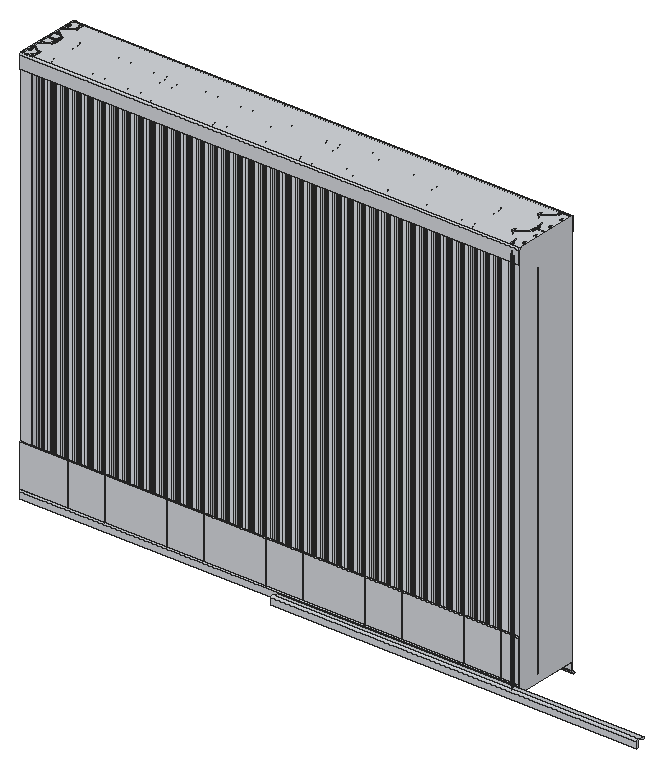
Revit family
Parameters (values of type "00000-Air Balance-20090131-Ver1-A820")
  Span = Blade Array * 1 125/256"  # 55 17/256"
  Interior Height = Height - (1/8" * 2)  # 47 3/4"
  Gap 2 = Interior Width - Width  # -1 23/64"
  Blade Array = Interior Width / 1 125/256" - 2  # 37
  URL = "www.airbalance.com"
  OmniClass Table 23 Title = "Exterior Louvers and Grilles"
  OmniClass Table 23 Code = "23-30 60 11 17"
  Model = "A820"
  Manufacturer = "Air Balance"
  Interior Width = Width - (1 23/64")  # 58 41/64"
  Height = 48"
  Gap = ((Interior Width - Span) / 2) + 1/16"  # 1.84961"
  Description = "Hurricane Louver"
  Default Sill Height = 36"
  Wall Closure = (empty or 0)
  Width = 60"
  D1 = 1 23/64"
  Assembly Code = ""
Reference planes (in)
  plane 1 "Center (Front/Back)": y = 0
  plane 2: z = 0
  plane 3 "Center (Left/Right)": x = 0.61472
  plane 4 "Left": x = -29.38528
  plane 5 "Right": x = 30.61472
  plane 6 "Sill": z = 36
  plane 7 "Top": z = 84
  plane 8: y = 0.208
  plane 9: y = -1.95957
  plane 10: x = -26.1763
  plane 11: x = -24.68804
  plane 12: x = -28.02591
  plane 13: x = -23.94302
  plane 14: x = 29.25672
  plane 15: x = 27.40711
  plane 16: y = 4
Forms (in)
  Extrusion 1, solid
    sketch origin (46.166, 40.67254, 34.54884) x (0, -1, 0) y (0, 0, 1)
      loop
        line (45.45213, 2.39413) -> (44.73681, 2.2153) -> (44.76713, 2.09403) -> (45.48244, 2.27286)
        arc (45.48244, 2.27286) -> (45.55108, 2.25831) -> (45.58185, 2.19525) r 0.08
        line (45.58185, 2.19525) -> (45.58185, 1.45116) -> (45.70685, 1.45116) -> (45.70685, 2.19525)
        arc (45.70685, 2.19525) -> (45.628, 2.35683) -> (45.45213, 2.39413) r 0.205
    from 0.416 to 44.416
  Extrusion 2, void
    sketch origin (0.61472, 0, 0) x (0, 1, 0) y (0, 0, 1)
      loop
        line (-5.08351, 37.08338) -> (-5.08351, 36) -> (0.25, 36) -> (-5.08351, 37.08338)
    from -47.5 to 47.5
  Sweep 3, solid
    path in 3D
      loop
        line (30.61472, 4, 84) -> (-29.38528, 4, 84)
    profile origin (0.61472, 4, 84) x (0, 1, 0) y (0, 0, -1)
      loop
        line (-7.864, 1.75) -> (-7.864, 0.155)
        arc (-7.864, 0.155) -> (-7.8186, 0.0454) -> (-7.709, 0) r 0.155
        line (-7.709, 0) -> (0.095, 0)
        arc (0.095, 0) -> (0.2046, 0.0454) -> (0.25, 0.155) r 0.155
        line (0.25, 0.155) -> (0.25, 1.75) -> (0.125, 1.75) -> (0.125, 0.155)
        arc (0.125, 0.155) -> (0.11621, 0.13379) -> (0.095, 0.125) r 0.03
        line (0.095, 0.125) -> (-7.709, 0.125)
        arc (-7.709, 0.125) -> (-7.73021, 0.13379) -> (-7.739, 0.155) r 0.03
        line (-7.739, 0.155) -> (-7.739, 1.75) -> (-7.864, 1.75)
  Sweep 4, solid
    path in 3D
      loop
        line (-29.38528, 4, 36) -> (30.61472, 4, 36)
    profile origin (0.61472, 4, 36) x (0, 1, 0) y (0, 0, 1)
      loop
        line (-7.709, 1.09055) -> (-7.709, 6.0625)
        arc (-7.709, 6.0625) -> (-7.7715, 6.125) -> (-7.834, 6.0625) r 0.0625
        line (-7.834, 6.0625) -> (-7.834, 0.99295) -> (-3.86219, 0) -> (-0.08, 0)
        arc (-0.08, 0) -> (-0.02343, -0.02343) -> (0, -0.08) r 0.08
        line (0, -0.08) -> (0, -0.93174)
        arc (0, -0.93174) -> (0.0156, -1.01019) -> (0.06004, -1.0767) r 0.205
        line (0.06004, -1.0767) -> (0.39017, -1.40682) -> (0.47855, -1.31843) -> (0.14843, -0.98831)
        arc (0.14843, -0.98831) -> (0.13109, -0.96236) -> (0.125, -0.93174) r 0.08
        line (0.125, -0.93174) -> (0.125, -0.08)
        arc (0.125, -0.08) -> (0.06496, 0.06496) -> (-0.08, 0.125) r 0.205
        line (-0.08, 0.125) -> (-3.84681, 0.125) -> (-7.709, 1.09055)
  Sweep 5, solid
    path in 3D
      loop
        line (29.25672, 4, 84) -> (-28.02728, 4, 84)
    profile origin (0.61472, 4, 84) x (0, 1, 0) y (0, 0, -1)
      loop
        line (-3.28599, 4.40692) -> (-3.27624, 4.48632) -> (-3.81735, 4.55276) -> (-3.67491, 5.71284) -> (-4.29785, 5.78932) -> (-4.30777, 5.70853) -> (-3.76665, 5.64209) -> (-3.90891, 4.4834) -> (-3.28599, 4.40692)
  Sweep 6, solid
    path in 3D
      loop
        line (-29.38528, -3.834, 36.99295) -> (30.61472, -3.834, 36.99295)
    profile origin (0.61472, -3.834, 36.99295) x (0, 0, 1) y (0, -1, 0)
      loop
        line (-0.24242, -0.96968) -> (-0.0641, -0.2564)
        arc (-0.0641, -0.2564) -> (-0.09741, -0.08473) -> (-0.25038, 0) r 0.20675
        line (-0.25038, 0) -> (-1.00602, 0) -> (-1.00602, -0.12464) -> (-0.25902, -0.12464)
        arc (-0.25902, -0.12464) -> (-0.19809, -0.1566) -> (-0.18447, -0.22404) r 0.08004
        line (-0.18447, -0.22404) -> (-0.36332, -0.93945) -> (-0.24242, -0.96968)
  Sweep 7, solid
    path in 3D
      loop
        line (-29.38528, 4, 84) -> (-29.38528, 4, 36)
    profile origin (-29.38528, 4, 60) x (1, 0, 0) y (0, 1, 0)
      loop
        arc (0.15651, -5.9569) -> (0.10577, -5.95556) -> (0.08, -5.99929) r 0.05
        line (0.08, -5.99929) -> (0.08, -6.3955)
        arc (0.08, -6.3955) -> (0.09464, -6.43086) -> (0.13, -6.4455) r 0.05
        line (0.13, -6.4455) -> (0.313, -6.4455)
        arc (0.313, -6.4455) -> (0.38689, -6.46016) -> (0.44957, -6.50192) r 0.1935
        arc (0.44957, -6.50192) -> (0.44968, -6.55849) -> (0.39311, -6.5586) r 0.04
        arc (0.39311, -6.5586) -> (0.1995, -6.639) -> (0.39311, -6.7194) r 0.1135
        arc (0.39311, -6.7194) -> (0.44968, -6.71951) -> (0.44957, -6.77608) r 0.04
        arc (0.44957, -6.77608) -> (0.38689, -6.81784) -> (0.313, -6.8325) r 0.1935
        line (0.313, -6.8325) -> (0.13, -6.8325)
        arc (0.13, -6.8325) -> (0.09464, -6.84714) -> (0.08, -6.8825) r 0.05
        line (0.08, -6.8825) -> (0.08, -7.579)
        arc (0.08, -7.579) -> (0.09464, -7.61436) -> (0.13, -7.629) r 0.05
        line (0.13, -7.629) -> (1.00212, -7.629)
        arc (1.00212, -7.629) -> (1.0488, -7.59691) -> (1.03556, -7.54183) r 0.05
        arc (1.03556, -7.54183) -> (1.00012, -7.49928) -> (0.97819, -7.44842) r 0.1935
        arc (0.97819, -7.44842) -> (1.00638, -7.39938) -> (1.05542, -7.42758) r 0.04
        arc (1.05542, -7.42758) -> (1.26329, -7.45475) -> (1.13582, -7.28831) r 0.1135
        arc (1.13582, -7.28831) -> (1.08689, -7.25994) -> (1.11526, -7.211) r 0.04
        arc (1.11526, -7.211) -> (1.16517, -7.2045) -> (1.21506, -7.21109) r 0.1935
        arc (1.21506, -7.21109) -> (1.25844, -7.20246) -> (1.278, -7.16279) r 0.05
        line (1.278, -7.16279) -> (1.278, -6.995)
        arc (1.278, -6.995) -> (1.20181, -6.7003) -> (0.99232, -6.47947) r 0.608
        line (0.99232, -6.47947) -> (0.15651, -5.9569)
      loop
        line (0.26673, -5.21324) -> (1.22456, -4.54237)
        arc (1.22456, -4.54237) -> (1.32264, -4.43051) -> (1.358, -4.286) r 0.313
        line (1.358, -4.286) -> (1.358, -3.792) -> (1.358, -3.298)
        arc (1.358, -3.298) -> (1.32264, -3.15349) -> (1.22456, -3.04163) r 0.313
        line (1.22456, -3.04163) -> (0.26673, -2.37076)
        arc (0.26673, -2.37076) -> (0.08015, -2.00056) -> (0.2858, -1.64061) r 0.438
        line (0.2858, -1.64061) -> (1.03473, -1.17236)
        arc (1.03473, -1.17236) -> (1.17902, -1.05186) -> (1.28531, -0.8968) r 0.688
        line (1.28531, -0.8968) -> (1.38582, -0.92945) -> (1.33946, -1.07211) -> (1.38702, -1.08756) -> (1.44882, -0.89735) -> (1.30616, -0.851)
        arc (1.30616, -0.851) -> (1.34492, -0.72254) -> (1.358, -0.589) r 0.688
        line (1.358, -0.589) -> (1.358, 0.125) -> (0, 0.125) -> (0, -3.792) -> (0, -7.709) -> (1.358, -7.709) -> (1.358, -6.995)
        arc (1.358, -6.995) -> (1.34492, -6.86146) -> (1.30616, -6.733) r 0.688
        line (1.30616, -6.733) -> (1.44882, -6.68665) -> (1.38702, -6.49644) -> (1.33946, -6.51189) -> (1.38582, -6.65455) -> (1.28531, -6.6872)
        arc (1.28531, -6.6872) -> (1.17902, -6.53214) -> (1.03473, -6.41164) r 0.688
        line (1.03473, -6.41164) -> (0.2858, -5.94339)
        arc (0.2858, -5.94339) -> (0.08015, -5.58344) -> (0.26673, -5.21324) r 0.438
      loop
        arc (1.18737, -4.47036) -> (1.20654, -4.41499) -> (1.15997, -4.37943) r 0.05
        arc (1.15997, -4.37943) -> (1.0888, -4.36386) -> (1.02843, -4.32308) r 0.1935
        arc (1.02843, -4.32308) -> (1.02832, -4.26651) -> (1.08489, -4.2664) r 0.04
        arc (1.08489, -4.2664) -> (1.2785, -4.186) -> (1.08489, -4.1056) r 0.1135
        arc (1.08489, -4.1056) -> (1.02832, -4.10549) -> (1.02843, -4.04892) r 0.04
        arc (1.02843, -4.04892) -> (1.11508, -3.99905) -> (1.21506, -3.99909) r 0.1935
        arc (1.21506, -3.99909) -> (1.26389, -3.98561) -> (1.27588, -3.9364) r 0.05
        arc (1.27588, -3.9364) -> (1.26812, -3.89217) -> (1.228, -3.872) r 0.05
        line (1.228, -3.872) -> (0.13, -3.872)
        arc (0.13, -3.872) -> (0.09464, -3.88664) -> (0.08, -3.922) r 0.05
        line (0.08, -3.922) -> (0.08, -4.78437)
        arc (0.08, -4.78437) -> (0.1149, -4.83203) -> (0.17156, -4.81363) r 0.05
        arc (0.17156, -4.81363) -> (0.22998, -4.80603) -> (0.2326, -4.86489) r 0.04
        arc (0.2326, -4.86489) -> (0.313, -5.0585) -> (0.3934, -4.86489) r 0.1135
        arc (0.3934, -4.86489) -> (0.39351, -4.80832) -> (0.45008, -4.80843) r 0.04
        arc (0.45008, -4.80843) -> (0.47632, -4.84122) -> (0.49486, -4.87891) r 0.1935
        arc (0.49486, -4.87891) -> (0.52682, -4.90951) -> (0.57056, -4.90277) r 0.05
        line (0.57056, -4.90277) -> (1.18737, -4.47036)
      loop
        line (0.15651, -1.6271) -> (0.99232, -1.10453)
        arc (0.99232, -1.10453) -> (1.20181, -0.8837) -> (1.278, -0.589) r 0.608
        line (1.278, -0.589) -> (1.278, -0.42121)
        arc (1.278, -0.42121) -> (1.25844, -0.38154) -> (1.21506, -0.37291) r 0.05
        arc (1.21506, -0.37291) -> (1.16517, -0.3795) -> (1.11526, -0.373) r 0.1935
        arc (1.11526, -0.373) -> (1.08689, -0.32406) -> (1.13582, -0.29569) r 0.04
        arc (1.13582, -0.29569) -> (1.26329, -0.12925) -> (1.05542, -0.15642) r 0.1135
        arc (1.05542, -0.15642) -> (1.00638, -0.18462) -> (0.97819, -0.13558) r 0.04
        arc (0.97819, -0.13558) -> (1.00012, -0.08472) -> (1.03556, -0.04217) r 0.1935
        arc (1.03556, -0.04217) -> (1.0488, 0.01291) -> (1.00212, 0.045) r 0.05
        line (1.00212, 0.045) -> (0.13, 0.045)
        arc (0.13, 0.045) -> (0.09464, 0.03036) -> (0.08, -0.005) r 0.05
        line (0.08, -0.005) -> (0.08, -0.7015)
        arc (0.08, -0.7015) -> (0.09464, -0.73686) -> (0.13, -0.7515) r 0.05
        line (0.13, -0.7515) -> (0.313, -0.7515)
        arc (0.313, -0.7515) -> (0.38689, -0.76616) -> (0.44957, -0.80792) r 0.1935
        arc (0.44957, -0.80792) -> (0.44968, -0.86449) -> (0.39311, -0.8646) r 0.04
        arc (0.39311, -0.8646) -> (0.1995, -0.945) -> (0.39311, -1.0254) r 0.1135
        arc (0.39311, -1.0254) -> (0.44968, -1.02551) -> (0.44957, -1.08208) r 0.04
        arc (0.44957, -1.08208) -> (0.38689, -1.12384) -> (0.313, -1.1385) r 0.1935
        line (0.313, -1.1385) -> (0.13, -1.1385)
        arc (0.13, -1.1385) -> (0.09464, -1.15314) -> (0.08, -1.1885) r 0.05
        line (0.08, -1.1885) -> (0.08, -1.58471)
        arc (0.08, -1.58471) -> (0.10577, -1.62844) -> (0.15651, -1.6271) r 0.05
      loop
        line (1.18737, -3.11364) -> (0.57056, -2.68123)
        arc (0.57056, -2.68123) -> (0.52682, -2.67449) -> (0.49486, -2.70509) r 0.05
        arc (0.49486, -2.70509) -> (0.47632, -2.74278) -> (0.45008, -2.77557) r 0.1935
        arc (0.45008, -2.77557) -> (0.39351, -2.77568) -> (0.3934, -2.71911) r 0.04
        arc (0.3934, -2.71911) -> (0.313, -2.5255) -> (0.2326, -2.71911) r 0.1135
        arc (0.2326, -2.71911) -> (0.22998, -2.77797) -> (0.17156, -2.77037) r 0.04
        arc (0.17156, -2.77037) -> (0.1149, -2.75197) -> (0.08, -2.79963) r 0.05
        line (0.08, -2.79963) -> (0.08, -3.662)
        arc (0.08, -3.662) -> (0.09464, -3.69736) -> (0.13, -3.712) r 0.05
        line (0.13, -3.712) -> (1.228, -3.712)
        arc (1.228, -3.712) -> (1.26812, -3.69183) -> (1.27588, -3.6476) r 0.05
        arc (1.27588, -3.6476) -> (1.26389, -3.59839) -> (1.21506, -3.58491) r 0.05
        arc (1.21506, -3.58491) -> (1.11508, -3.58495) -> (1.02843, -3.53508) r 0.1935
        arc (1.02843, -3.53508) -> (1.02832, -3.47851) -> (1.08489, -3.4784) r 0.04
        arc (1.08489, -3.4784) -> (1.2785, -3.398) -> (1.08489, -3.3176) r 0.1135
        arc (1.08489, -3.3176) -> (1.02832, -3.31749) -> (1.02843, -3.26092) r 0.04
        arc (1.02843, -3.26092) -> (1.0888, -3.22014) -> (1.15997, -3.20457) r 0.1935
        arc (1.15997, -3.20457) -> (1.20654, -3.16901) -> (1.18737, -3.11364) r 0.05
  Sweep 8, solid
    path in 3D
      loop
        line (30.61472, 4, 36) -> (30.61472, 4, 84)
    profile origin (30.61472, 4, 60) x (0, 1, 0) y (-1, 0, 0)
      loop
        line (-5.47602, 2.52079) -> (-5.50407, 2.54883) -> (-5.56327, 2.57038)
        arc (-5.56327, 2.57038) -> (-5.68355, 2.5809) -> (-5.57412, 2.63193) r 0.0625
        line (-5.57412, 2.63193) -> (-5.52586, 2.67242)
        arc (-5.52586, 2.67242) -> (-5.54524, 2.69105) -> (-5.56815, 2.70511) r 0.1255
        arc (-5.56815, 2.70511) -> (-5.32953, 2.69956) -> (-5.15707, 2.53454) r 0.33
        arc (-5.15707, 2.53454) -> (-5.13783, 2.527) -> (-5.12932, 2.54583) r 0.015
        arc (-5.12932, 2.54583) -> (-5.42596, 2.78758) -> (-5.7754, 2.63162) r 0.365
        line (-5.7754, 2.63162) -> (-6.01122, 2.28636) -> (-6.47947, 1.64368)
        arc (-6.47947, 1.64368) -> (-6.7003, 1.43419) -> (-6.995, 1.358) r 0.608
        line (-6.995, 1.358) -> (-7.04004, 1.358) -> (-6.94725, 1.5065) -> (-6.98965, 1.533) -> (-7.099, 1.358) -> (-7.709, 1.358) -> (-7.709, 0) -> (-3.792, 0) -> (0.125, 0) -> (0.125, 1.358) -> (-0.369, 1.358)
        arc (-0.369, 1.358) -> (-0.47657, 1.38432) -> (-0.55984, 1.45733) r 0.233
        line (-0.55984, 1.45733) -> (-1.23072, 2.30892)
        arc (-1.23072, 2.30892) -> (-1.37413, 2.447) -> (-1.55902, 2.52079) r 0.518
        line (-1.55902, 2.52079) -> (-1.58707, 2.54883) -> (-1.64627, 2.57038)
        arc (-1.64627, 2.57038) -> (-1.76655, 2.5809) -> (-1.65712, 2.63193) r 0.0625
        line (-1.65712, 2.63193) -> (-1.60886, 2.67242)
        arc (-1.60886, 2.67242) -> (-1.62824, 2.69105) -> (-1.65115, 2.70511) r 0.1255
        arc (-1.65115, 2.70511) -> (-1.41253, 2.69956) -> (-1.24007, 2.53454) r 0.33
        arc (-1.24007, 2.53454) -> (-1.22083, 2.527) -> (-1.21232, 2.54583) r 0.015
        arc (-1.21232, 2.54583) -> (-1.50896, 2.78758) -> (-1.8584, 2.63162) r 0.365
        line (-1.8584, 2.63162) -> (-2.09422, 2.28636) -> (-2.56247, 1.64368)
        arc (-2.56247, 1.64368) -> (-2.7833, 1.43419) -> (-3.078, 1.358) r 0.608
        line (-3.078, 1.358) -> (-3.12304, 1.358) -> (-3.03025, 1.5065) -> (-3.07265, 1.533) -> (-3.182, 1.358) -> (-3.792, 1.358) -> (-4.286, 1.358)
        arc (-4.286, 1.358) -> (-4.39357, 1.38432) -> (-4.47684, 1.45733) r 0.233
        line (-4.47684, 1.45733) -> (-5.14772, 2.30892)
        arc (-5.14772, 2.30892) -> (-5.29113, 2.447) -> (-5.47602, 2.52079) r 0.518
      loop
        arc (-3.9364, 1.27588) -> (-3.98561, 1.26389) -> (-3.99909, 1.21506) r 0.05
        arc (-3.99909, 1.21506) -> (-4.01834, 1.0684) -> (-4.13558, 0.97819) r 0.1935
        arc (-4.13558, 0.97819) -> (-4.18462, 1.00638) -> (-4.15642, 1.05542) r 0.04
        arc (-4.15642, 1.05542) -> (-4.12925, 1.26329) -> (-4.29569, 1.13582) r 0.1135
        arc (-4.29569, 1.13582) -> (-4.32406, 1.08689) -> (-4.373, 1.11526) r 0.04
        arc (-4.373, 1.11526) -> (-4.37925, 1.17486) -> (-4.36697, 1.23351) r 0.1935
        arc (-4.36697, 1.23351) -> (-4.36817, 1.27181) -> (-4.39613, 1.29802) r 0.05
        arc (-4.39613, 1.29802) -> (-4.47783, 1.34367) -> (-4.54237, 1.41144) r 0.313
        line (-4.54237, 1.41144) -> (-5.21324, 2.26303)
        arc (-5.21324, 2.26303) -> (-5.58344, 2.44961) -> (-5.94339, 2.24395) r 0.438
        line (-5.94339, 2.24395) -> (-6.41164, 1.60127)
        arc (-6.41164, 1.60127) -> (-6.66153, 1.36422) -> (-6.995, 1.278) r 0.688
        line (-6.995, 1.278) -> (-7.16279, 1.278)
        arc (-7.16279, 1.278) -> (-7.20246, 1.25844) -> (-7.21109, 1.21506) r 0.05
        arc (-7.21109, 1.21506) -> (-7.2045, 1.16517) -> (-7.211, 1.11526) r 0.1935
        arc (-7.211, 1.11526) -> (-7.25994, 1.08689) -> (-7.28831, 1.13582) r 0.04
        arc (-7.28831, 1.13582) -> (-7.45475, 1.26329) -> (-7.42758, 1.05542) r 0.1135
        arc (-7.42758, 1.05542) -> (-7.39938, 1.00638) -> (-7.44842, 0.97819) r 0.04
        arc (-7.44842, 0.97819) -> (-7.49928, 1.00012) -> (-7.54183, 1.03556) r 0.1935
        arc (-7.54183, 1.03556) -> (-7.59691, 1.0488) -> (-7.629, 1.00212) r 0.05
        line (-7.629, 1.00212) -> (-7.629, 0.13)
        arc (-7.629, 0.13) -> (-7.61436, 0.09464) -> (-7.579, 0.08) r 0.05
        line (-7.579, 0.08) -> (-6.8825, 0.08)
        arc (-6.8825, 0.08) -> (-6.84714, 0.09464) -> (-6.8325, 0.13) r 0.05
        line (-6.8325, 0.13) -> (-6.8325, 0.313)
        arc (-6.8325, 0.313) -> (-6.81784, 0.38689) -> (-6.77608, 0.44957) r 0.1935
        arc (-6.77608, 0.44957) -> (-6.71951, 0.44968) -> (-6.7194, 0.39311) r 0.04
        arc (-6.7194, 0.39311) -> (-6.639, 0.1995) -> (-6.5586, 0.39311) r 0.1135
        arc (-6.5586, 0.39311) -> (-6.55849, 0.44968) -> (-6.50192, 0.44957) r 0.04
        arc (-6.50192, 0.44957) -> (-6.46016, 0.38689) -> (-6.4455, 0.313) r 0.1935
        line (-6.4455, 0.313) -> (-6.4455, 0.13)
        arc (-6.4455, 0.13) -> (-6.43086, 0.09464) -> (-6.3955, 0.08) r 0.05
        line (-6.3955, 0.08) -> (-5.1885, 0.08)
        arc (-5.1885, 0.08) -> (-5.15314, 0.09464) -> (-5.1385, 0.13) r 0.05
        line (-5.1385, 0.13) -> (-5.1385, 0.313)
        arc (-5.1385, 0.313) -> (-5.12384, 0.38689) -> (-5.08208, 0.44957) r 0.1935
        arc (-5.08208, 0.44957) -> (-5.02551, 0.44968) -> (-5.0254, 0.39311) r 0.04
        arc (-5.0254, 0.39311) -> (-4.945, 0.1995) -> (-4.8646, 0.39311) r 0.1135
        arc (-4.8646, 0.39311) -> (-4.86449, 0.44968) -> (-4.80792, 0.44957) r 0.04
        arc (-4.80792, 0.44957) -> (-4.76616, 0.38689) -> (-4.7515, 0.313) r 0.1935
        line (-4.7515, 0.313) -> (-4.7515, 0.13)
        arc (-4.7515, 0.13) -> (-4.73686, 0.09464) -> (-4.7015, 0.08) r 0.05
        line (-4.7015, 0.08) -> (-3.922, 0.08)
        arc (-3.922, 0.08) -> (-3.88664, 0.09464) -> (-3.872, 0.13) r 0.05
        line (-3.872, 0.13) -> (-3.872, 1.228)
        arc (-3.872, 1.228) -> (-3.89217, 1.26812) -> (-3.9364, 1.27588) r 0.05
      loop
        arc (-0.0194, 1.27588) -> (-0.06861, 1.26389) -> (-0.08209, 1.21506) r 0.05
        arc (-0.08209, 1.21506) -> (-0.10134, 1.0684) -> (-0.21858, 0.97819) r 0.1935
        arc (-0.21858, 0.97819) -> (-0.26762, 1.00638) -> (-0.23942, 1.05542) r 0.04
        arc (-0.23942, 1.05542) -> (-0.21225, 1.26329) -> (-0.37869, 1.13582) r 0.1135
        arc (-0.37869, 1.13582) -> (-0.40706, 1.08689) -> (-0.456, 1.11526) r 0.04
        arc (-0.456, 1.11526) -> (-0.46225, 1.17486) -> (-0.44997, 1.23351) r 0.1935
        arc (-0.44997, 1.23351) -> (-0.45117, 1.27181) -> (-0.47913, 1.29802) r 0.05
        arc (-0.47913, 1.29802) -> (-0.56083, 1.34367) -> (-0.62537, 1.41144) r 0.313
        line (-0.62537, 1.41144) -> (-1.29624, 2.26303)
        arc (-1.29624, 2.26303) -> (-1.66644, 2.44961) -> (-2.02639, 2.24395) r 0.438
        line (-2.02639, 2.24395) -> (-2.49464, 1.60127)
        arc (-2.49464, 1.60127) -> (-2.74453, 1.36422) -> (-3.078, 1.278) r 0.688
        line (-3.078, 1.278) -> (-3.24579, 1.278)
        arc (-3.24579, 1.278) -> (-3.28546, 1.25844) -> (-3.29409, 1.21506) r 0.05
        arc (-3.29409, 1.21506) -> (-3.2875, 1.16517) -> (-3.294, 1.11526) r 0.1935
        arc (-3.294, 1.11526) -> (-3.34294, 1.08689) -> (-3.37131, 1.13582) r 0.04
        arc (-3.37131, 1.13582) -> (-3.53775, 1.26329) -> (-3.51058, 1.05542) r 0.1135
        arc (-3.51058, 1.05542) -> (-3.48238, 1.00638) -> (-3.53142, 0.97819) r 0.04
        arc (-3.53142, 0.97819) -> (-3.58228, 1.00012) -> (-3.62483, 1.03556) r 0.1935
        arc (-3.62483, 1.03556) -> (-3.67991, 1.0488) -> (-3.712, 1.00212) r 0.05
        line (-3.712, 1.00212) -> (-3.712, 0.13)
        arc (-3.712, 0.13) -> (-3.69736, 0.09464) -> (-3.662, 0.08) r 0.05
        line (-3.662, 0.08) -> (-2.9655, 0.08)
        arc (-2.9655, 0.08) -> (-2.93014, 0.09464) -> (-2.9155, 0.13) r 0.05
        line (-2.9155, 0.13) -> (-2.9155, 0.313)
        arc (-2.9155, 0.313) -> (-2.90084, 0.38689) -> (-2.85908, 0.44957) r 0.1935
        arc (-2.85908, 0.44957) -> (-2.80251, 0.44968) -> (-2.8024, 0.39311) r 0.04
        arc (-2.8024, 0.39311) -> (-2.722, 0.1995) -> (-2.6416, 0.39311) r 0.1135
        arc (-2.6416, 0.39311) -> (-2.64149, 0.44968) -> (-2.58492, 0.44957) r 0.04
        arc (-2.58492, 0.44957) -> (-2.54316, 0.38689) -> (-2.5285, 0.313) r 0.1935
        line (-2.5285, 0.313) -> (-2.5285, 0.13)
        arc (-2.5285, 0.13) -> (-2.51386, 0.09464) -> (-2.4785, 0.08) r 0.05
        line (-2.4785, 0.08) -> (-1.2715, 0.08)
        arc (-1.2715, 0.08) -> (-1.23614, 0.09464) -> (-1.2215, 0.13) r 0.05
        line (-1.2215, 0.13) -> (-1.2215, 0.313)
        arc (-1.2215, 0.313) -> (-1.20684, 0.38689) -> (-1.16508, 0.44957) r 0.1935
        arc (-1.16508, 0.44957) -> (-1.10851, 0.44968) -> (-1.1084, 0.39311) r 0.04
        arc (-1.1084, 0.39311) -> (-1.028, 0.1995) -> (-0.9476, 0.39311) r 0.1135
        arc (-0.9476, 0.39311) -> (-0.94749, 0.44968) -> (-0.89092, 0.44957) r 0.04
        arc (-0.89092, 0.44957) -> (-0.84916, 0.38689) -> (-0.8345, 0.313) r 0.1935
        line (-0.8345, 0.313) -> (-0.8345, 0.13)
        arc (-0.8345, 0.13) -> (-0.81986, 0.09464) -> (-0.7845, 0.08) r 0.05
        line (-0.7845, 0.08) -> (-0.005, 0.08)
        arc (-0.005, 0.08) -> (0.03036, 0.09464) -> (0.045, 0.13) r 0.05
        line (0.045, 0.13) -> (0.045, 1.228)
        arc (0.045, 1.228) -> (0.02483, 1.26812) -> (-0.0194, 1.27588) r 0.05
  Sweep 9, solid
    path in 3D
      loop
        line (29.25672, 4, 46.19624) -> (-28.02728, 4, 46.19624)
    profile origin (0.61472, 4, 46.19624) x (0, 1, 0) y (0, 0, -1)
      loop
        line (-3.28599, 4.40692) -> (-3.27624, 4.48632) -> (-3.81735, 4.55276) -> (-3.67491, 5.71284) -> (-4.29785, 5.78932) -> (-4.30777, 5.70853) -> (-3.76665, 5.64209) -> (-3.90891, 4.4834) -> (-3.28599, 4.40692)
Cuts and joins
  Extrusion 2 cuts Extrusion 1
Lines and regions (in)
  Opening 1
    outline origin (-60, -4, 0) x (1, 0, 0) y (0, 0, 1)
      loop
        line (30.61472, 84) -> (30.61472, 36) -> (90.61472, 36) -> (90.61472, 84) -> (30.61472, 84)
  sketch lines
    curve 1: line (-29.38528, 4, 36) -> (30.61472, 4, 36)
    curve 2: line (29.25672, 4, 84) -> (-28.02728, 4, 84)
    curve 3: line (-29.38528, -3.834, 36.99295) -> (30.61472, -3.834, 36.99295)
    curve 4: line (-29.38528, 4, 84) -> (-29.38528, 4, 36)
    curve 5: line (30.61472, 4, 36) -> (30.61472, 4, 84)
    curve 6: line (30.61472, 4, 84) -> (-29.38528, 4, 84)
    curve 7: line (29.25672, 4, 46.19624) -> (-28.02728, 4, 46.19624)
Text (in)
  text "EXTERIOR" at (-58.6888, 50.90694, 0), in view "Ref. Level"
  text "INTERIOR" at (-58.6888, -37.76638, 0), in view "Ref. Level"
  text "Exterior" at (0, 43.65631, 123.19604), in view "Left"
  text "Exterior" at (0, 18.29385, 125.04747), in view "Right"
Dimensions and locks (in)
  equal spacing: plane 4 "Left", plane 3 "Center (Left/Right)", plane 5 "Right"
  "Height": plane 6 "Sill" to plane 7 "Top"
  "Default Sill Height": plane 2 to plane 6 "Sill"
  locked: plane 4 "Left" to plane 12 at 1.35937
  "Gap": plane 12 to plane 10
  "Width": plane 4 "Left" to plane 5 "Right"
  locked: plane 10 to plane 11 at 1.48826
  plane 11 to plane 13 = 0.74502"
  equal spacing: group 1, group 2, group 3, group 4, group 5, group 6, group 7, group 8, group 9, group 10, group 11, group 12, group 13, group 14, group 15, group 16, group 17, group 18, group 19, group 20, group 21, group 22, group 23, group 24, group 25, group 26, group 27, group 28, group 29, group 30, group 31, group 32, group 33, group 34, group 35, group 36, group 37  (x3)
  "Gap": plane 15 to plane 14
  locked: plane 14 to plane 5 "Right" at 1.358
  locked: host wall to plane 16
  locked: Sweep 4 to host wall at 0.47855
  locked: plane 16 to plane 8 at 3.792
  aligned and locked: plane 7 "Top" to Opening 1 sketch curve
  aligned and locked: plane 6 "Sill" to Opening 1 sketch curve  (x2)
  aligned and locked: plane 5 "Right" to Opening 1 sketch curve
  aligned and locked: plane 4 "Left" to Opening 1 sketch curve
  aligned and locked: Sweep 4 to plane 5 "Right"
  aligned and locked: Sweep 4 to plane 4 "Left"
  aligned and locked: nested 1 to Sweep 4
  aligned and locked: nested 1 to plane 10
  aligned and locked: plane 11 to nested 2
  aligned and locked: nested 1 to plane 8
  aligned and locked: nested 2 to plane 8
Automatic sketch dimensions
  Extrusion 1 sketch curve to Extrusion 1 sketch curve = 0"  (x4)
  Extrusion 1 sketch curve to Extrusion 1 sketch curve = 0.03032"  (x2)
  Extrusion 1 sketch curve to Extrusion 1 sketch curve = 0.71532"
  Extrusion 1 sketch curve to Extrusion 1 sketch curve = 0.0194"
  Extrusion 1 sketch curve to Extrusion 1 sketch curve = 0.08"
  Extrusion 1 sketch curve to Extrusion 1 sketch curve = 1/8"
  Extrusion 2 sketch curve to host wall = 1/4"
  host wall to Extrusion 2 sketch curve = 1.08351"
  Extrusion 2 sketch curve to plane 6 "Sill" = 0"
  Extrusion 2 sketch curve to Extrusion 2 sketch curve = 1.08338"
  Extrusion 1 sketch curve to plane 6 "Sill" = 0"
  host wall to Extrusion 1 sketch curve = 0.06427"
  Extrusion 1 sketch curve to plane 6 "Sill" = 0.64288"
  Sweep 3 sketch curve to Sweep 3 sketch curve = 0"  (x4)
  Sweep 3 sketch curve to profile plane = 0"
  profile plane to Sweep 3 sketch curve = 1 3/4"
  profile plane to Sweep 3 sketch curve = 7.864"
  Sweep 3 sketch curve to Sweep 3 sketch curve = 1/8"
  Sweep 3 sketch curve to Sweep 3 sketch curve = 0.03"  (x2)
  Sweep 3 sketch curve to profile plane = 0.095"
  Sweep 3 sketch curve to Sweep 3 sketch curve = 1.595"
  Sweep 4 sketch curve to Sweep 4 sketch curve = 0"  (x4)
  Sweep 4 sketch curve to profile plane = 0"  (x2)
  profile plane to Sweep 4 sketch curve = 0.08"
  profile plane to Sweep 4 sketch curve = 1/8"
  Sweep 4 sketch curve to Sweep 4 sketch curve = 3.76681"
  Sweep 4 sketch curve to Sweep 4 sketch curve = 0.01539"
  profile plane to Sweep 4 sketch curve = 1.09055"
  Sweep 4 sketch curve to Sweep 4 sketch curve = 3.86219"
  Sweep 4 sketch curve to Sweep 4 sketch curve = 1/16"
  Sweep 4 sketch curve to profile plane = 0.06004"
  Sweep 4 sketch curve to Sweep 4 sketch curve = 3/128"
  Sweep 4 sketch curve to Sweep 4 sketch curve = 0.05657"
  Sweep 4 sketch curve to profile plane = 0.39017"
  Sweep 4 sketch curve to Sweep 4 sketch curve = 0.08839"
  Sweep 4 sketch curve to Sweep 4 sketch curve = 0.85174"
  Sweep 4 sketch curve to Sweep 4 sketch curve = 0.0976"
  Sweep 4 sketch curve to Sweep 4 sketch curve = 4.97195"
  profile plane to Sweep 5 sketch curve = 4.30777"
  Sweep 5 sketch curve to Sweep 5 sketch curve = 0.00992"
  Sweep 5 sketch curve to Sweep 5 sketch curve = 0.39885"
  Sweep 5 sketch curve to Sweep 5 sketch curve = 0.09156"
  Sweep 5 sketch curve to Sweep 5 sketch curve = 0.54112"
  Sweep 5 sketch curve to Sweep 5 sketch curve = 0.09173"
  Sweep 5 sketch curve to Sweep 5 sketch curve = 0.53137"
  profile plane to Sweep 5 sketch curve = 4.40692"
  Sweep 5 sketch curve to Sweep 5 sketch curve = 0.07649"
  Sweep 6 sketch curve to profile plane = 0"
  profile plane to Sweep 6 sketch curve = 1.00602"
  profile plane to Sweep 6 sketch curve = 0.36332"
  profile plane to Sweep 6 sketch curve = 0.26467"
  Sweep 6 sketch curve to Sweep 6 sketch curve = 0.00255"
  Sweep 6 sketch curve to Sweep 6 sketch curve = 0.0031"
  Sweep 6 sketch curve to Sweep 6 sketch curve = 0.00864"
  Sweep 6 sketch curve to Sweep 6 sketch curve = 0.1209"
  Sweep 6 sketch curve to Sweep 6 sketch curve = 0.07765"
  profile plane to Sweep 6 sketch curve = 0.0641"
  Sweep 6 sketch curve to profile plane = 0.12464"
  Sweep 6 sketch curve to Sweep 6 sketch curve = 0.07998"
  Sweep 6 sketch curve to Sweep 6 sketch curve = 0.00163"
  Sweep 7 sketch curve to Sweep 7 sketch curve = 0"  (x97)
  Sweep 7 sketch curve to profile plane = 0"
  profile plane to Sweep 7 sketch curve = 0.08"  (x6)
  Sweep 7 sketch curve to Sweep 7 sketch curve = 0.05"  (x14)
  profile plane to Sweep 7 sketch curve = 0.005"
  Sweep 7 sketch curve to Sweep 7 sketch curve = 0.02651"  (x2)
  Sweep 7 sketch curve to Sweep 7 sketch curve = 0.04088"  (x2)
  Sweep 7 sketch curve to Sweep 7 sketch curve = 0.00067"  (x2)
  Sweep 7 sketch curve to Sweep 7 sketch curve = 0.03271"  (x2)
  Sweep 7 sketch curve to Sweep 7 sketch curve = 0.02834"  (x4)
  profile plane to Sweep 7 sketch curve = 0.26673"  (x2)
  Sweep 7 sketch curve to Sweep 7 sketch curve = 0.12929"  (x2)
  Sweep 7 sketch curve to Sweep 7 sketch curve = 0.183"  (x2)
  Sweep 7 sketch curve to Sweep 7 sketch curve = 0.0804"  (x4)
  Sweep 7 sketch curve to Sweep 7 sketch curve = 0.08011"  (x6)
  Sweep 7 sketch curve to Sweep 7 sketch curve = 0.02823"  (x6)
  Sweep 7 sketch curve to Sweep 7 sketch curve = 0.04479"  (x2)
  Sweep 7 sketch curve to Sweep 7 sketch curve = 0.2322"
  Sweep 7 sketch curve to Sweep 7 sketch curve = 0.25127"
  Sweep 7 sketch curve to Sweep 7 sketch curve = 0.04699"  (x2)
  Sweep 7 sketch curve to Sweep 7 sketch curve = 0.0287"  (x4)
  Sweep 7 sketch curve to Sweep 7 sketch curve = 0.22043"  (x2)
  Sweep 7 sketch curve to Sweep 7 sketch curve = 0.30819"  (x2)
  profile plane to Sweep 7 sketch curve = 0.13558"
  Sweep 7 sketch curve to Sweep 7 sketch curve = 0.54275"  (x2)
  Sweep 7 sketch curve to Sweep 7 sketch curve = 0.02393"  (x2)
  Sweep 7 sketch curve to Sweep 7 sketch curve = 0.03862"  (x2)
  Sweep 7 sketch curve to Sweep 7 sketch curve = 0.48657"
  Sweep 7 sketch curve to Sweep 7 sketch curve = 0.04241"  (x2)
  Sweep 7 sketch curve to Sweep 7 sketch curve = 0.03345"  (x2)
  profile plane to Sweep 7 sketch curve = 0.04217"
  Sweep 7 sketch curve to Sweep 7 sketch curve = 0.01657"  (x2)
  Sweep 7 sketch curve to Sweep 7 sketch curve = 0.01166"  (x2)
  Sweep 7 sketch curve to Sweep 7 sketch curve = 0.05984"
  Sweep 7 sketch curve to Sweep 7 sketch curve = 0.04974"
  Sweep 7 sketch curve to Sweep 7 sketch curve = 0.01028"  (x2)
  Sweep 7 sketch curve to Sweep 7 sketch curve = 0.13024"  (x2)
  Sweep 7 sketch curve to Sweep 7 sketch curve = 0.0013"  (x2)
  Sweep 7 sketch curve to Sweep 7 sketch curve = 0.02918"
  Sweep 7 sketch curve to Sweep 7 sketch curve = 0.08952"  (x2)
  Sweep 7 sketch curve to Sweep 7 sketch curve = 0.13017"  (x2)
  Sweep 7 sketch curve to Sweep 7 sketch curve = 0.03719"  (x2)
  Sweep 7 sketch curve to Sweep 7 sketch curve = 0.01294"  (x4)
  Sweep 7 sketch curve to Sweep 7 sketch curve = 0.04788"  (x2)
  Sweep 7 sketch curve to Sweep 7 sketch curve = 0.00731"  (x2)
  Sweep 7 sketch curve to Sweep 7 sketch curve = 0.02085"  (x2)
  profile plane to Sweep 7 sketch curve = 0.851"
  Sweep 7 sketch curve to Sweep 7 sketch curve = 0.05415"  (x2)
  Sweep 7 sketch curve to Sweep 7 sketch curve = 0.193"
  Sweep 7 sketch curve to profile plane = 1/8"
  Sweep 7 sketch curve to Sweep 7 sketch curve = 0.32244"  (x2)
  Sweep 7 sketch curve to Sweep 7 sketch curve = 0.10051"  (x2)
  Sweep 7 sketch curve to Sweep 7 sketch curve = 0.04755"  (x2)
  Sweep 7 sketch curve to Sweep 7 sketch curve = 0.063"  (x2)
  profile plane to Sweep 7 sketch curve = 0.89735"
  Sweep 7 sketch curve to Sweep 7 sketch curve = 0.5995"
  Sweep 7 sketch curve to Sweep 7 sketch curve = 0.39621"  (x2)
  Sweep 7 sketch curve to Sweep 7 sketch curve = 0.01351"  (x2)
  Sweep 7 sketch curve to Sweep 7 sketch curve = 0.37139"
  Sweep 7 sketch curve to Sweep 7 sketch curve = 0.26824"  (x2)
  Sweep 7 sketch curve to Sweep 7 sketch curve = 0.04223"
  Sweep 7 sketch curve to Sweep 7 sketch curve = 0.00047"  (x2)
  Sweep 7 sketch curve to Sweep 7 sketch curve = 0.3604"
  Sweep 7 sketch curve to Sweep 7 sketch curve = 0.07201"
  Sweep 7 sketch curve to Sweep 7 sketch curve = 0.04094"
  Sweep 7 sketch curve to Sweep 7 sketch curve = 0.86237"  (x2)
  Sweep 7 sketch curve to Sweep 7 sketch curve = 0.13"
  Sweep 7 sketch curve to Sweep 7 sketch curve = 0.08"  (x2)
  Sweep 7 sketch curve to Sweep 7 sketch curve = 0.02879"
  Sweep 7 sketch curve to Sweep 7 sketch curve = 0.1"
  Sweep 7 sketch curve to Sweep 7 sketch curve = 0.00473"
  Sweep 7 sketch curve to Sweep 7 sketch curve = 0.35876"
  Sweep 7 sketch curve to Sweep 7 sketch curve = 0.03386"
  Sweep 7 sketch curve to Sweep 7 sketch curve = 0.06783"
  Sweep 7 sketch curve to Sweep 7 sketch curve = 0.05642"  (x2)
  Sweep 7 sketch curve to Sweep 7 sketch curve = 0.16779"
  Sweep 7 sketch curve to Sweep 7 sketch curve = 0.16717"
  Sweep 8 sketch curve to Sweep 8 sketch curve = 0"  (x110)
  profile plane to Sweep 8 sketch curve = 1.358"  (x2)
  profile plane to Sweep 8 sketch curve = 7.709"
  Sweep 8 sketch curve to Sweep 8 sketch curve = 0.08"  (x3)
  Sweep 8 sketch curve to Sweep 8 sketch curve = 0.05"  (x13)
  Sweep 8 sketch curve to Sweep 8 sketch curve = 0.03717"  (x2)
  Sweep 8 sketch curve to Sweep 8 sketch curve = 0.09341"  (x2)
  Sweep 8 sketch curve to Sweep 8 sketch curve = 0.01042"  (x4)
  Sweep 8 sketch curve to Sweep 8 sketch curve = 0.02958"  (x4)
  Sweep 8 sketch curve to Sweep 8 sketch curve = 0.10969"  (x4)
  Sweep 8 sketch curve to Sweep 8 sketch curve = 0.03866"  (x4)
  Sweep 8 sketch curve to Sweep 8 sketch curve = 0.03857"  (x2)
  Sweep 8 sketch curve to Sweep 8 sketch curve = 0.0483"  (x3)
  Sweep 8 sketch curve to Sweep 8 sketch curve = 0.06379"  (x2)
  Sweep 8 sketch curve to Sweep 8 sketch curve = 0.05896"  (x2)
  Sweep 8 sketch curve to Sweep 8 sketch curve = 0.04504"  (x2)
  profile plane to Sweep 8 sketch curve = 1.533"  (x2)
  Sweep 8 sketch curve to Sweep 8 sketch curve = 0.00535"  (x2)
  profile plane to Sweep 8 sketch curve = 0.08"  (x5)
  Sweep 8 sketch curve to Sweep 8 sketch curve = 0.6965"  (x2)
  Sweep 8 sketch curve to Sweep 8 sketch curve = 0.05642"  (x4)
  Sweep 8 sketch curve to Sweep 8 sketch curve = 0.02834"  (x8)
  Sweep 8 sketch curve to Sweep 8 sketch curve = 0.0804"  (x8)
  Sweep 8 sketch curve to Sweep 8 sketch curve = 0.46778"  (x2)
  profile plane to Sweep 8 sketch curve = 1.60127"
  Sweep 8 sketch curve to Sweep 8 sketch curve = 0.06783"  (x4)
  profile plane to Sweep 8 sketch curve = 2.28636"
  Sweep 8 sketch curve to Sweep 8 sketch curve = 0.40042"  (x2)
  profile plane to Sweep 8 sketch curve = 2.63162"
  Sweep 8 sketch curve to Sweep 8 sketch curve = 0.23581"  (x2)
  Sweep 8 sketch curve to Sweep 8 sketch curve = 0.1534"  (x2)
  profile plane to Sweep 8 sketch curve = 2.63193"
  Sweep 8 sketch curve to Sweep 8 sketch curve = 0.04788"  (x2)
  Sweep 8 sketch curve to Sweep 8 sketch curve = 0.37139"  (x2)
  Sweep 8 sketch curve to Sweep 8 sketch curve = 0.00597"  (x2)
  Sweep 8 sketch curve to Sweep 8 sketch curve = 0.05873"  (x2)
  Sweep 8 sketch curve to Sweep 8 sketch curve = 0.04229"  (x2)
  profile plane to Sweep 8 sketch curve = 2.54883"
  Sweep 8 sketch curve to Sweep 8 sketch curve = 0.0592"  (x2)
  profile plane to Sweep 8 sketch curve = 2.52079"
  Sweep 8 sketch curve to Sweep 8 sketch curve = 0.02805"  (x3)
  Sweep 8 sketch curve to Sweep 8 sketch curve = 0.00202"  (x2)
  Sweep 8 sketch curve to Sweep 8 sketch curve = 0.018"  (x2)
  profile plane to Sweep 8 sketch curve = 2.26303"
  Sweep 8 sketch curve to Sweep 8 sketch curve = 0.24276"  (x2)
  Sweep 8 sketch curve to Sweep 8 sketch curve = 1.207"  (x2)
  Sweep 8 sketch curve to Sweep 8 sketch curve = 0.05618"  (x2)
  profile plane to Sweep 8 sketch curve = 2.30892"
  Sweep 8 sketch curve to Sweep 8 sketch curve = 0.06553"  (x4)
  Sweep 8 sketch curve to Sweep 8 sketch curve = 0.01359"  (x2)
  Sweep 8 sketch curve to Sweep 8 sketch curve = 0.01417"  (x2)
  Sweep 8 sketch curve to Sweep 8 sketch curve = 0.26555"
  Sweep 8 sketch curve to Sweep 8 sketch curve = 0.12864"  (x2)
  Sweep 8 sketch curve to Sweep 8 sketch curve = 0.01759"  (x2)
  Sweep 8 sketch curve to Sweep 8 sketch curve = 0.04073"  (x2)
  Sweep 8 sketch curve to Sweep 8 sketch curve = 0.04676"  (x2)
  Sweep 8 sketch curve to Sweep 8 sketch curve = 0.19084"
  Sweep 8 sketch curve to Sweep 8 sketch curve = 0.18691"
  Sweep 8 sketch curve to Sweep 8 sketch curve = 0.0144"
  Sweep 8 sketch curve to Sweep 8 sketch curve = 0.7795"
  Sweep 8 sketch curve to Sweep 8 sketch curve = 0.02879"
  Sweep 8 sketch curve to profile plane = 0"
  Sweep 8 sketch curve to Sweep 8 sketch curve = 0.16"
  profile plane to Sweep 8 sketch curve = 1.5065"
  Sweep 8 sketch curve to Sweep 8 sketch curve = 0.0424"
  profile plane to Sweep 8 sketch curve = 1.64368"
  profile plane to Sweep 8 sketch curve = 0.13"
  profile plane to Sweep 8 sketch curve = 0.62537"
  Sweep 8 sketch curve to Sweep 8 sketch curve = 0.11013"
  profile plane to Sweep 8 sketch curve = 0.08209"
  profile plane to Sweep 8 sketch curve = 0.03379"
  profile plane to Sweep 8 sketch curve = 0.0194"
  profile plane to Sweep 8 sketch curve = 0.005"  (x2)
  Sweep 8 sketch curve to profile plane = 0.045"
  Sweep 8 sketch curve to profile plane = 1/8"
  Sweep 8 sketch curve to Sweep 8 sketch curve = 0.183"  (x4)
  Sweep 8 sketch curve to Sweep 8 sketch curve = 0.37981"  (x3)
  Sweep 8 sketch curve to Sweep 8 sketch curve = 0.52861"
  Sweep 8 sketch curve to Sweep 8 sketch curve = 0.03862"  (x2)
  Sweep 8 sketch curve to Sweep 8 sketch curve = 0.13"
  Sweep 8 sketch curve to Sweep 8 sketch curve = 0.41049"
  Sweep 8 sketch curve to Sweep 8 sketch curve = 0.2322"
  Sweep 8 sketch curve to Sweep 8 sketch curve = 0.04241"
  Sweep 8 sketch curve to Sweep 8 sketch curve = 0.04589"
  Sweep 8 sketch curve to Sweep 8 sketch curve = 0.12603"  (x2)
  Sweep 8 sketch curve to Sweep 8 sketch curve = 0.031"
  Sweep 8 sketch curve to Sweep 8 sketch curve = 0.06155"
  Sweep 8 sketch curve to Sweep 8 sketch curve = 0.02155"
  Sweep 8 sketch curve to Sweep 8 sketch curve = 0.02138"
  profile plane to Sweep 9 sketch curve = 4.30777"
  Sweep 9 sketch curve to Sweep 9 sketch curve = 0.00992"
  Sweep 9 sketch curve to Sweep 9 sketch curve = 0.39885"
  Sweep 9 sketch curve to Sweep 9 sketch curve = 0.09156"
  Sweep 9 sketch curve to Sweep 9 sketch curve = 0.54112"
  Sweep 9 sketch curve to Sweep 9 sketch curve = 0.09173"
  Sweep 9 sketch curve to Sweep 9 sketch curve = 0.53137"
  profile plane to Sweep 9 sketch curve = 4.40692"
  Sweep 9 sketch curve to Sweep 9 sketch curve = 0.07649"
Nested families (in)
  nested 1: "A820 LOUVER" at (-26.0563, 0.208, 36.125), Height <- "Interior Height", type "Family3"
    with Height 47 3/4", Blade Material none
  nested 2: "A820 LOUVER" at (-24.56804, 0.208, 36.125), Height <- "Interior Height", type "Family3"
    with Height 47 3/4", Blade Material none
  nested 3: "A820 LOUVER" at (-23.07978, 0.208, 36.125), Height <- "Interior Height", type "Family3"
    with Height 47 3/4", Blade Material none
  nested 4: "A820 LOUVER" at (-21.59151, 0.208, 36.125), Height <- "Interior Height", type "Family3"
    with Height 47 3/4", Blade Material none
  nested 5: "A820 LOUVER" at (-20.10325, 0.208, 36.125), Height <- "Interior Height", type "Family3"
    with Height 47 3/4", Blade Material none
  nested 6: "A820 LOUVER" at (-18.61499, 0.208, 36.125), Height <- "Interior Height", type "Family3"
    with Height 47 3/4", Blade Material none
  nested 7: "A820 LOUVER" at (-17.12673, 0.208, 36.125), Height <- "Interior Height", type "Family3"
    with Height 47 3/4", Blade Material none
  nested 8: "A820 LOUVER" at (-15.63847, 0.208, 36.125), Height <- "Interior Height", type "Family3"
    with Height 47 3/4", Blade Material none
  nested 9: "A820 LOUVER" at (-14.15021, 0.208, 36.125), Height <- "Interior Height", type "Family3"
    with Height 47 3/4", Blade Material none
  nested 10: "A820 LOUVER" at (-12.66195, 0.208, 36.125), Height <- "Interior Height", type "Family3"
    with Height 47 3/4", Blade Material none
  nested 11: "A820 LOUVER" at (-11.17369, 0.208, 36.125), Height <- "Interior Height", type "Family3"
    with Height 47 3/4", Blade Material none
  nested 12: "A820 LOUVER" at (-9.68543, 0.208, 36.125), Height <- "Interior Height", type "Family3"
    with Height 47 3/4", Blade Material none
  nested 13: "A820 LOUVER" at (-8.19717, 0.208, 36.125), Height <- "Interior Height", type "Family3"
    with Height 47 3/4", Blade Material none
  nested 14: "A820 LOUVER" at (-6.70891, 0.208, 36.125), Height <- "Interior Height", type "Family3"
    with Height 47 3/4", Blade Material none
  nested 15: "A820 LOUVER" at (-5.22064, 0.208, 36.125), Height <- "Interior Height", type "Family3"
    with Height 47 3/4", Blade Material none
  nested 16: "A820 LOUVER" at (-3.73238, 0.208, 36.125), Height <- "Interior Height", type "Family3"
    with Height 47 3/4", Blade Material none
  nested 17: "A820 LOUVER" at (-2.24412, 0.208, 36.125), Height <- "Interior Height", type "Family3"
    with Height 47 3/4", Blade Material none
  nested 18: "A820 LOUVER" at (-0.75586, 0.208, 36.125), Height <- "Interior Height", type "Family3"
    with Height 47 3/4", Blade Material none
  nested 19: "A820 LOUVER" at (0.7324, 0.208, 36.125), Height <- "Interior Height", type "Family3"
    with Height 47 3/4", Blade Material none
  nested 20: "A820 LOUVER" at (2.22066, 0.208, 36.125), Height <- "Interior Height", type "Family3"
    with Height 47 3/4", Blade Material none
  nested 21: "A820 LOUVER" at (3.70892, 0.208, 36.125), Height <- "Interior Height", type "Family3"
    with Height 47 3/4", Blade Material none
  nested 22: "A820 LOUVER" at (5.19718, 0.208, 36.125), Height <- "Interior Height", type "Family3"
    with Height 47 3/4", Blade Material none
  nested 23: "A820 LOUVER" at (6.68544, 0.208, 36.125), Height <- "Interior Height", type "Family3"
    with Height 47 3/4", Blade Material none
  nested 24: "A820 LOUVER" at (8.1737, 0.208, 36.125), Height <- "Interior Height", type "Family3"
    with Height 47 3/4", Blade Material none
  nested 25: "A820 LOUVER" at (9.66196, 0.208, 36.125), Height <- "Interior Height", type "Family3"
    with Height 47 3/4", Blade Material none
  nested 26: "A820 LOUVER" at (11.15022, 0.208, 36.125), Height <- "Interior Height", type "Family3"
    with Height 47 3/4", Blade Material none
  nested 27: "A820 LOUVER" at (12.63849, 0.208, 36.125), Height <- "Interior Height", type "Family3"
    with Height 47 3/4", Blade Material none
  nested 28: "A820 LOUVER" at (14.12675, 0.208, 36.125), Height <- "Interior Height", type "Family3"
    with Height 47 3/4", Blade Material none
  nested 29: "A820 LOUVER" at (15.61501, 0.208, 36.125), Height <- "Interior Height", type "Family3"
    with Height 47 3/4", Blade Material none
  nested 30: "A820 LOUVER" at (17.10327, 0.208, 36.125), Height <- "Interior Height", type "Family3"
    with Height 47 3/4", Blade Material none
  nested 31: "A820 LOUVER" at (18.59153, 0.208, 36.125), Height <- "Interior Height", type "Family3"
    with Height 47 3/4", Blade Material none
  nested 32: "A820 LOUVER" at (20.07979, 0.208, 36.125), Height <- "Interior Height", type "Family3"
    with Height 47 3/4", Blade Material none
  nested 33: "A820 LOUVER" at (21.56805, 0.208, 36.125), Height <- "Interior Height", type "Family3"
    with Height 47 3/4", Blade Material none
  nested 34: "A820 LOUVER" at (23.05631, 0.208, 36.125), Height <- "Interior Height", type "Family3"
    with Height 47 3/4", Blade Material none
  nested 35: "A820 LOUVER" at (24.54457, 0.208, 36.125), Height <- "Interior Height", type "Family3"
    with Height 47 3/4", Blade Material none
  nested 36: "A820 LOUVER" at (26.03283, 0.208, 36.125), Height <- "Interior Height", type "Family3"
    with Height 47 3/4", Blade Material none
  nested 37: "A820 LOUVER" at (27.52109, 0.208, 36.125), Height <- "Interior Height", type "Family3"
    with Height 47 3/4", Blade Material none
Definition of nested family "A820 LOUVER"
  Parameters (values of type "Family3")
    Height [instance] = 72"
    Blade Material [instance] = none
    Assembly Code = ""
  Reference planes (in)
    plane 1 "Center (Front/Back)": y = 0
    plane 2: z = 0
    plane 3 "Center (Left/Right)": x = 0
    plane 4: z = 72
    plane 5: x = 1.49
    plane 6: y = 3.80679
    plane 7: y = -3.80679
    plane 8: x = -1.49
    plane 9: x = -0.74609
    plane 10: x = -0.12
  Forms (in)
    Extrusion 1, solid
      sketch origin (8.14713, -11.94619, 0.87504) x (0, 1, 0) y (-1, 0, 0)
        loop
          arc (12.18497, 8.38713) -> (12.06497, 8.26713) -> (12.18497, 8.14713) r 0.12
          line (12.18497, 8.14713) -> (12.4534, 8.14713)
          arc (12.4534, 8.14713) -> (12.48742, 8.15205) -> (12.51865, 8.16642) r 0.12
          arc (12.51865, 8.16642) -> (12.61342, 8.21438) -> (12.71617, 8.24125) r 0.5
          arc (12.71617, 8.24125) -> (12.78258, 8.25814) -> (12.84698, 8.28155) r 0.688
          line (12.84698, 8.28155) -> (12.89333, 8.13889) -> (13.03599, 8.18525)
          arc (13.03599, 8.18525) -> (13.05204, 8.21675) -> (13.02054, 8.2328) r 0.025
          line (13.02054, 8.2328) -> (12.92543, 8.2019) -> (12.89265, 8.30279)
          arc (12.89265, 8.30279) -> (13.04485, 8.40845) -> (13.16334, 8.5509) r 0.688
          line (13.16334, 8.5509) -> (13.63159, 9.29983)
          arc (13.63159, 9.29983) -> (13.99154, 9.50548) -> (14.36173, 9.3189) r 0.438
          line (14.36173, 9.3189) -> (15.0326, 8.36107)
          arc (15.0326, 8.36107) -> (15.10572, 8.28688) -> (15.19914, 8.2408) r 0.313
          arc (15.19914, 8.2408) -> (15.2369, 8.24597) -> (15.2578, 8.27783) r 0.046
          arc (15.2578, 8.27783) -> (15.38545, 8.30562) -> (15.30946, 8.19936) r 0.07
          arc (15.30946, 8.19936) -> (15.27401, 8.17856) -> (15.3005, 8.14713) r 0.02688
          line (15.3005, 8.14713) -> (15.63298, 8.14713)
          arc (15.63298, 8.14713) -> (15.75298, 8.26713) -> (15.63298, 8.38713) r 0.12
          line (15.63298, 8.38713) -> (15.22139, 8.38713)
          arc (15.22139, 8.38713) -> (15.10596, 8.41537) -> (15.01662, 8.49371) r 0.25
          line (15.01662, 8.49371) -> (14.41333, 9.35505)
          arc (14.41333, 9.35505) -> (14.15044, 9.54644) -> (13.82542, 9.53611) r 0.501
          arc (13.82542, 9.53611) -> (13.80972, 9.53932) -> (13.80587, 9.55488) r 0.015
          arc (13.80587, 9.55488) -> (14.09985, 9.78008) -> (14.41791, 9.59042) r 0.33
          arc (14.41791, 9.59042) -> (14.43715, 9.58288) -> (14.44566, 9.6017) r 0.015
          arc (14.44566, 9.6017) -> (14.14163, 9.84436) -> (13.79143, 9.67504) r 0.365
          line (13.79143, 9.67504) -> (13.11565, 8.59346)
          arc (13.11565, 8.59346) -> (12.87394, 8.37277) -> (12.55313, 8.30795) r 0.61288
          line (12.55313, 8.30795) -> (12.64061, 8.44793)
          arc (12.64061, 8.44793) -> (12.63265, 8.48238) -> (12.5982, 8.47443) r 0.025
          line (12.5982, 8.47443) -> (12.56128, 8.41534)
          arc (12.56128, 8.41534) -> (12.53948, 8.39465) -> (12.51039, 8.38713) r 0.06
          line (12.51039, 8.38713) -> (12.18497, 8.38713)
        loop
          arc (8.26797, 8.38713) -> (8.14797, 8.26713) -> (8.26797, 8.14713) r 0.12
          line (8.26797, 8.14713) -> (8.5364, 8.14713)
          arc (8.5364, 8.14713) -> (8.57042, 8.15205) -> (8.60165, 8.16642) r 0.12
          arc (8.60165, 8.16642) -> (8.69642, 8.21438) -> (8.79917, 8.24125) r 0.5
          arc (8.79917, 8.24125) -> (8.86558, 8.25814) -> (8.92998, 8.28155) r 0.688
          line (8.92998, 8.28155) -> (8.97633, 8.13889) -> (9.11899, 8.18525)
          arc (9.11899, 8.18525) -> (9.13504, 8.21675) -> (9.10354, 8.2328) r 0.025
          line (9.10354, 8.2328) -> (9.00843, 8.2019) -> (8.97565, 8.30279)
          arc (8.97565, 8.30279) -> (9.12785, 8.40845) -> (9.24634, 8.5509) r 0.688
          line (9.24634, 8.5509) -> (9.71459, 9.29983)
          arc (9.71459, 9.29983) -> (10.07454, 9.50548) -> (10.44473, 9.3189) r 0.438
          line (10.44473, 9.3189) -> (11.1156, 8.36107)
          arc (11.1156, 8.36107) -> (11.18872, 8.28688) -> (11.28214, 8.2408) r 0.313
          arc (11.28214, 8.2408) -> (11.3199, 8.24597) -> (11.3408, 8.27783) r 0.046
          arc (11.3408, 8.27783) -> (11.46845, 8.30562) -> (11.39246, 8.19936) r 0.07
          arc (11.39246, 8.19936) -> (11.35701, 8.17856) -> (11.3835, 8.14713) r 0.02688
          line (11.3835, 8.14713) -> (11.70741, 8.14713)
          arc (11.70741, 8.14713) -> (11.82741, 8.26713) -> (11.70741, 8.38713) r 0.12
          line (11.70741, 8.38713) -> (11.30439, 8.38713)
          arc (11.30439, 8.38713) -> (11.18896, 8.41537) -> (11.09962, 8.49371) r 0.25
          line (11.09962, 8.49371) -> (10.49633, 9.35505)
          arc (10.49633, 9.35505) -> (10.23344, 9.54644) -> (9.90842, 9.53611) r 0.501
          arc (9.90842, 9.53611) -> (9.89272, 9.53932) -> (9.88887, 9.55488) r 0.015
          arc (9.88887, 9.55488) -> (10.18285, 9.78008) -> (10.50091, 9.59042) r 0.33
          arc (10.50091, 9.59042) -> (10.52015, 9.58288) -> (10.52866, 9.6017) r 0.015
          arc (10.52866, 9.6017) -> (10.22463, 9.84436) -> (9.87443, 9.67504) r 0.365
          line (9.87443, 9.67504) -> (9.19865, 8.59346)
          arc (9.19865, 8.59346) -> (8.95694, 8.37277) -> (8.63613, 8.30795) r 0.61288
          line (8.63613, 8.30795) -> (8.72361, 8.44793)
          arc (8.72361, 8.44793) -> (8.71565, 8.48238) -> (8.6812, 8.47443) r 0.025
          line (8.6812, 8.47443) -> (8.64428, 8.41534)
          arc (8.64428, 8.41534) -> (8.62248, 8.39465) -> (8.59339, 8.38713) r 0.06
          line (8.59339, 8.38713) -> (8.26797, 8.38713)
      from -0.87504 to 71.12496
  Dimensions and locks (in)
    "Height": level to plane 4
    aligned and locked: plane 4 to Extrusion 1
  Automatic sketch dimensions
    Extrusion 1 sketch curve to Extrusion 1 sketch curve = 0"  (x22)
    Extrusion 1 sketch curve to plane 7 = 0.12857"
    Extrusion 1 sketch curve to Extrusion 1 sketch curve = 0.26843"  (x2)
    Extrusion 1 sketch curve to Extrusion 1 sketch curve = 0.05699"  (x2)
    Extrusion 1 sketch curve to Extrusion 1 sketch curve = 0.06525"  (x2)
    Extrusion 1 sketch curve to Extrusion 1 sketch curve = 0.04274"  (x2)
    Extrusion 1 sketch curve to Extrusion 1 sketch curve = 0.05088"  (x2)
    Extrusion 1 sketch curve to plane 3 "Center (Left/Right)" = 0.7685"  (x2)
    Extrusion 1 sketch curve to Extrusion 1 sketch curve = 0.06958"  (x2)
    Extrusion 1 sketch curve to Extrusion 1 sketch curve = 0.01658"  (x2)
    Extrusion 1 sketch curve to Extrusion 1 sketch curve = 0.03693"  (x2)
    Extrusion 1 sketch curve to Extrusion 1 sketch curve = 0.0212"  (x4)
    Extrusion 1 sketch curve to Extrusion 1 sketch curve = 0.16304"  (x2)
    Extrusion 1 sketch curve to Extrusion 1 sketch curve = 0.04567"  (x2)
    Extrusion 1 sketch curve to Extrusion 1 sketch curve = 0.04635"  (x2)
    Extrusion 1 sketch curve to Extrusion 1 sketch curve = 0.0321"  (x2)
    Extrusion 1 sketch curve to Extrusion 1 sketch curve = 0.09511"  (x2)
    Extrusion 1 sketch curve to Extrusion 1 sketch curve = 0.00773"  (x4)
    Extrusion 1 sketch curve to Extrusion 1 sketch curve = 0.223"  (x2)
    Extrusion 1 sketch curve to Extrusion 1 sketch curve = 0.04769"  (x2)
    Extrusion 1 sketch curve to Extrusion 1 sketch curve = 0.51594"  (x2)
    Extrusion 1 sketch curve to plane 8 = 0.03791"  (x2)
    Extrusion 1 sketch curve to Extrusion 1 sketch curve = 0.15984"  (x2)
    Extrusion 1 sketch curve to Extrusion 1 sketch curve = 0.01444"  (x2)
    Extrusion 1 sketch curve to Extrusion 1 sketch curve = 0.01423"  (x2)
    Extrusion 1 sketch curve to Extrusion 1 sketch curve = 0.00532"  (x2)
    Extrusion 1 sketch curve to plane 3 "Center (Left/Right)" = 0.9205"  (x2)
    Extrusion 1 sketch curve to Extrusion 1 sketch curve = 0.37139"  (x2)
    Extrusion 1 sketch curve to Extrusion 1 sketch curve = 0.27555"  (x2)
    Extrusion 1 sketch curve to Extrusion 1 sketch curve = 0.018"  (x2)
    Extrusion 1 sketch curve to Extrusion 1 sketch curve = 0.0516"  (x2)
    plane 8 to Extrusion 1 sketch curve = 0.04671"  (x2)
    Extrusion 1 sketch curve to Extrusion 1 sketch curve = 0.00457"  (x2)
    Extrusion 1 sketch curve to Extrusion 1 sketch curve = 0.01359"  (x2)
    plane 1 "Center (Front/Back)" to Extrusion 1 sketch curve = 0.84658"
    Extrusion 1 sketch curve to Extrusion 1 sketch curve = 0.01599"  (x2)
    Extrusion 1 sketch curve to Extrusion 1 sketch curve = 0.16653"  (x2)
    Extrusion 1 sketch curve to Extrusion 1 sketch curve = 0.0132"  (x2)
    Extrusion 1 sketch curve to Extrusion 1 sketch curve = 0.00904"  (x2)
    Extrusion 1 sketch curve to Extrusion 1 sketch curve = 0.04546"  (x2)
    Extrusion 1 sketch curve to Extrusion 1 sketch curve = 0.06759"  (x2)
    Extrusion 1 sketch curve to Extrusion 1 sketch curve = 0.0427"  (x2)
    Extrusion 1 sketch curve to Extrusion 1 sketch curve = 0.00896"  (x2)
    Extrusion 1 sketch curve to Extrusion 1 sketch curve = 0.06918"  (x2)
    plane 1 "Center (Front/Back)" to Extrusion 1 sketch curve = 0.23878"
    Extrusion 1 sketch curve to plane 1 "Center (Front/Back)" = 0.23878"
    Extrusion 1 sketch curve to plane 3 "Center (Left/Right)" = 0.44633"
    Extrusion 1 sketch curve to plane 6 = 0.73636"
    Extrusion 1 sketch curve to plane 6 = 0.12"
    Extrusion 1 sketch curve to Extrusion 1 sketch curve = 0.12"  (x3)
    Extrusion 1 sketch curve to Extrusion 1 sketch curve = 0.07918"  (x2)
    Extrusion 1 sketch curve to Extrusion 1 sketch curve = 0.0282"
    Extrusion 1 sketch curve to Extrusion 1 sketch curve = 0.01325"  (x2)
    Extrusion 1 sketch curve to Extrusion 1 sketch curve = 0.04256"  (x2)
    Extrusion 1 sketch curve to Extrusion 1 sketch curve = 0.24276"  (x2)
    Extrusion 1 sketch curve to Extrusion 1 sketch curve = 0.01417"  (x2)
    plane 8 to Extrusion 1 sketch curve = 0.31823"
    Extrusion 1 sketch curve to Extrusion 1 sketch curve = 0.23628"
    Extrusion 1 sketch curve to Extrusion 1 sketch curve = 0.27189"
    Extrusion 1 sketch curve to Extrusion 1 sketch curve = 0.1308"  (x2)
    Extrusion 1 sketch curve to Extrusion 1 sketch curve = 0.07437"
    Extrusion 1 sketch curve to plane 3 "Center (Left/Right)" = 0.40377"
    Extrusion 1 sketch curve to plane 3 "Center (Left/Right)" = 0.3935"  (x2)
    Extrusion 1 sketch curve to Extrusion 1 sketch curve = 0.04692"  (x2)
    Extrusion 1 sketch curve to Extrusion 1 sketch curve = 0.17164"  (x2)
    Extrusion 1 sketch curve to Extrusion 1 sketch curve = 0.0273"  (x2)
    Extrusion 1 sketch curve to Extrusion 1 sketch curve = 0.0318"
    Extrusion 1 sketch curve to Extrusion 1 sketch curve = 0.1535"  (x2)
    Extrusion 1 sketch curve to Extrusion 1 sketch curve = 0.13264"  (x2)
    Extrusion 1 sketch curve to Extrusion 1 sketch curve = 0.02123"  (x2)
    Extrusion 1 sketch curve to Extrusion 1 sketch curve = 0.04082"
    Extrusion 1 sketch curve to Extrusion 1 sketch curve = 0.06999"  (x2)
    Extrusion 1 sketch curve to Extrusion 1 sketch curve = 0.02378"  (x2)
